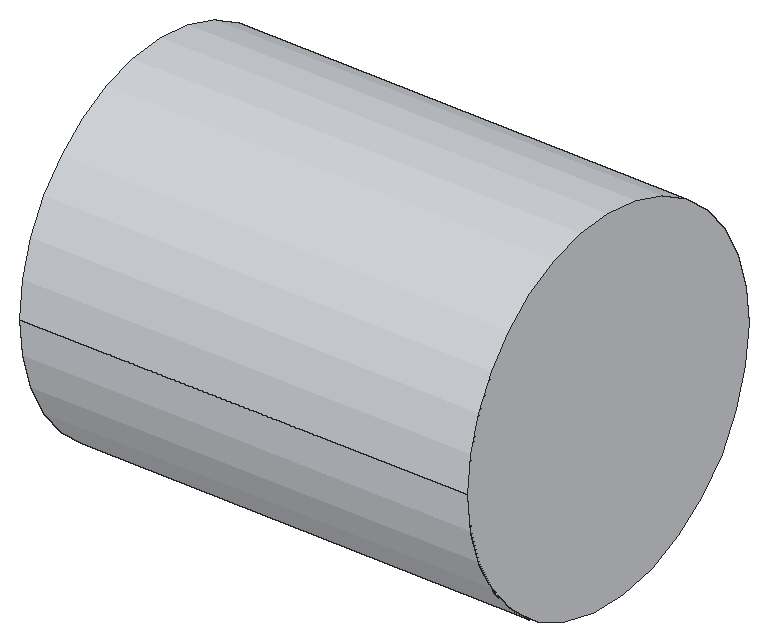
Revit family "Bucha de redução - CPVC - HW", category Conexões de tubo, Revit 2019
Family settings
  Cota do conector redondo = Usar raio
  Tipo de parte = Transição
  Com base no plano de trabalho = Não
  Sempre na vertical = Sim
  Corte com vazios quando carregada = Não
  Compartilhado = Não
Parameters (values of type "Padrão")
  Visibilidade 3 [instance] = Diâmetro nominal 1 < Diâmetro nominal 2  # no
  Visibilidade 2 [instance] = Diâmetro nominal 1 > Diâmetro nominal 2  # yes
  Visibilidade 1 [instance] = Diâmetro nominal 1 = Diâmetro nominal 2  # no
  built-in parameter 1114242 [instance] = (empty or 0)
  Tamanho da marca de cota 2 [instance] = Diâmetro nominal 2 * 0.4  # 8.00 mm
  Tamanho da marca de cota 1 [instance] = Diâmetro nominal 1 * 0.4  # 10.00 mm
  Raio nominal 2 [instance] = 10.00 mm
  Diâmetro nominal 2 [instance] = Raio nominal 2 * 2  # 20.00 mm
  Model = ""
  Diâmetro nominal máx. [instance] = if(Diâmetro nominal 1 > Diâmetro nominal 2, Diâmetro nominal 1, Diâmetro nominal 2)  # 25.00 mm
  Manufacturer = ""
  Nome da tabela de pesquisa = "BR_Bush Reducing - CPVC - HW"
  Raio externo da conexão [instance] = Diâmetro externo da conexão / 2  # 14.60 mm
  Diâmetro externo da conexão [instance] = size_lookup(Nome da tabela de pesquisa, "FOD", 1.144 * Diâmetro nominal máx. + 0.90 mm, Diâmetro nominal 1, Diâmetro nominal 2)  # 29.20 mm
  Comprimento [instance] = size_lookup(Nome da tabela de pesquisa, "Lgt", 0.1523 * Diâmetro nominal máx. + 33.44 mm, Diâmetro nominal 1, Diâmetro nominal 2)  # 37.30 mm
  Raio nominal 1 [instance] = 12.50 mm
  Diâmetro nominal 1 [instance] = Raio nominal 1 * 2  # 25.00 mm
  Método de perda = Coeficiente K da tabela
  Tabela de coeficiente K = "Redutor/Acoplamento/União/Redutor"
  Description = ""
Reference planes
  plane 1 "Centro (Frente/Trás)": y = 0
  plane 2: z = 0
  plane 3 "Centro (Esquerda/Direita)": x = 0
  plane 4: y = 10
  plane 5: y = -10
  plane 6: y = 8
  plane 7: y = -8
  plane 8: x = 37.3
Forms (mm)
  Sweep 1, solid, detail levels fine
    path origin (0, 0, 0) x (1, 0, 0) y (0, 1, 0)
      loop
        line (0, 0) -> (37.3, 0)
    profile origin (18.65, 0, 0) x (0, 1, 0) y (0, 0, 1)
      loop
        circle (0, 0) r 14.6
Lines and regions (mm)
  reference lines
    curve 1: line (0, 0, 0) -> (22.3, 0, 0)
  model lines, detail levels coarse+medium
    curve 2: line (37.3, 8, 0) -> (37.3, -8, 0)
    curve 3: line (0, 10, 0) -> (0, -10, 0)
  model lines, visible <- "Visibilidade 1", detail levels coarse+medium
    curve 4: line (0, 0, 0) -> (37.3, 0, 0)
  model lines, visible <- "Visibilidade 2", detail levels coarse+medium
    curve 5: line (0, 10, 0) -> (37.3, 0, 0)
    curve 6: line (0, -10, 0) -> (37.3, 0, 0)
  model lines, visible <- "Visibilidade 3", detail levels coarse+medium
    curve 7: line (37.3, 8, 0) -> (0, 0, 0)
    curve 8: line (37.3, -8, 0) -> (0, 0, 0)
Dimensions and locks
  "Tamanho da marca de cota 1": plane 1 "Centro (Frente/Trás)" to plane 4
  equal spacing: plane 5, plane 1 "Centro (Frente/Trás)", plane 4
  equal spacing: plane 7, plane 1 "Centro (Frente/Trás)", plane 6
  "Tamanho da marca de cota 2": plane 1 "Centro (Frente/Trás)" to plane 6
  "Comprimento": plane 3 "Centro (Esquerda/Direita)" to plane 8
  "Raio externo da conexão": radius of Sweep 1 sketch curve
  aligned and locked: curve 3 to curve 4
  aligned and locked: curve 2 to curve 4
  aligned and locked: curve 3 to plane 3 "Centro (Esquerda/Direita)"
  aligned and locked: plane 8 to Sweep 1 sketch curve
  aligned and locked: plane 8 to curve 2
  aligned and locked: plane 7 to curve 2
  aligned and locked: plane 6 to curve 2
  aligned and locked: plane 4 to curve 3
  aligned and locked: plane 5 to curve 3
  aligned and locked: plane 3 "Centro (Esquerda/Direita)" to Sweep 1 sketch curve
Automatic sketch dimensions
  Sweep 1 sketch curve to level = 0.00 mm
  Sweep 1 sketch curve to profile plane = 0.00 mm
  plane 1 "Centro (Frente/Trás)" to curve 1 = 0.00 mm
  curve 1 to plane 3 "Centro (Esquerda/Direita)" = 0.00 mm
  plane 1 "Centro (Frente/Trás)" to Sweep 1 sketch curve = 0.00 mm
  plane 1 "Centro (Frente/Trás)" to curve 4 = 0.00 mm
  plane 1 "Centro (Frente/Trás)" to curve 7 = 0.00 mm
  plane 8 to curve 1 = 15.00 mm
Connectors
  piping at (0, 0, 0), diameter 25, driven by "Raio nominal 1"
    settings: on Sweep 1, index 1, connector inside diameter 25.00 mm, connector length 0.00 mm, flow factor 0, pipe flow 0.0 L/s, pressure drop 0.0 Pa, fitting loss kfactor 0, connector angle 0.00°, fixture units 0, engagement length 0.00 mm, angle of deflection 0.00°, flow configuration 0, flow direction 0, fitting loss method 0, system type 28, joint type 0, gender type 0, connector reference index 2, connector utility 0, adjustable connector no, is connector primary yes, connector description ""
  piping at (37.3, 0, 0), diameter 20, driven by "Raio nominal 2"
    settings: on Sweep 1, index 2, connector inside diameter 20.00 mm, connector length 0.00 mm, flow factor 0, pipe flow 0.0 L/s, pressure drop 0.0 Pa, fitting loss kfactor 0, connector angle 0.00°, fixture units 0, engagement length 0.00 mm, angle of deflection 0.00°, flow configuration 0, flow direction 0, fitting loss method 0, system type 28, joint type 0, gender type 0, connector reference index 1, connector utility 0, adjustable connector no, is connector primary no, connector description ""
